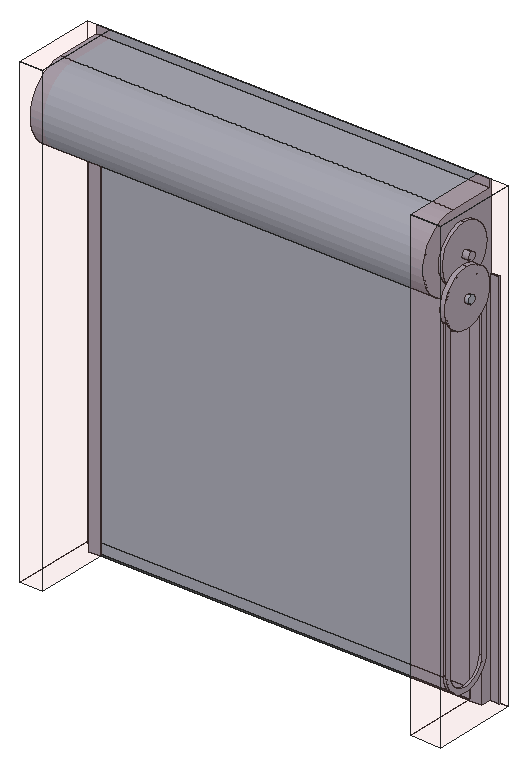
Revit family
Parameters
  XY [instance] = 1' - 10"
  Warranty Duration (Years) = 0
  URL = "http://www.wayne-dalton.com/commercial/Pages/default.aspx"
  Standards Conformance = "as Specified"
  Specification = "http://www.arcat.com/sdspecs/htm04/08_33_00way.htm"
  Sideroom Clearance [instance] = ARCAT Clearance
  Send Message = "http://www.arcat.com/users.pl?action=UserEmail&company=Wayne-Dalton+Corp.&coid=36462&rep=108&fax=&mf="
  Sales Information = "http://commercial.wayne-dalton.com/contact.asp"
  STC Rating [instance] = 0
  Rough Width = 0' - 0"  # constant formula
  Rough Height = 0' - 0"  # constant formula
  Recycled Content [instance] = "as Specified"
  R-Value = 0
  R [instance] = 0' - 8"
  Product Properties = ""
  Product Data = "http://arcat.com/arcatcos/cos36/arc36462.html"
  Offset from Interior Wall [instance] = 0' - 0 1/2"
  Mount to Masonry [instance] = yes
  Model = "As Specified in 08332"
  Maximum Size = "as Specified"
  Manufacturer Website = "http://www.wayne-dalton.com/commercial/Pages/default.aspx"
  Manufacturer Phone - Toll Free = "800-827-3667"
  Manufacturer Phone = ""
  Manufacturer Fax = ""
  Manufacturer Address = "2501 S. State Highway 121 Suite 200   Lewisville, TX 75067"
  Manufacturer = "Wayne Dalton Corp."
  Maintenance Schedule (Months) = 0
  Lift Travel Speed = "as Specified"
  L [instance] = 0' - 6"
  Keynote = "08 33 00"
  Jamb Width_Sides = 0' - 3"
  Installation-Fabrication = ""
  Installation Phase = ""
  Include Sideroom Clearances [instance] = yes
  Include Chain Hoist = yes
  Height = 0' - 0"  # constant formula
  H [instance] = 0' - 2"
  Green Building-LEED = ""
  GD [instance] = if(Clear Opening Width > 28' 0", 0' 3 1/4", 0' 2 3/4")  # 0' - 2 3/4"
  Function = (empty or 0)
  Frame Material [instance] = Metal - Steel
  Frame Finish [instance] = Metal - Wayne Dalton - Gray
  Fire Rating = "As Specified"
  Extend Hood Right [instance] = 0' - 3 1/4"
  Extend Hood Left [instance] = 0' - 3 1/4"
  Expected Lifespan (Years) = 0
  Drawn By = "Sumex Design, Inc. / Robert S. Weygant, CSI, CDT, SCIP"
  Description = "Wayne-Dalton Coiling Counter Door as Specified"
  Wall Closure = (empty or 0)
  Width = 0' - 0"  # constant formula
  Curtain Finish [instance] = Metal - Wayne Dalton - Gray 3in Slats
  Copyright = "©Arcat Inc."
  Construction Details = ""
  Clear Opening Width [instance] = 8' - 0"
  Clear Opening Height [instance] = 8' - 0"
  Bottom Seal Color [instance] = Plastic - Black
  Bottom Bar Height [instance] = 0' - 3"
  Available Options [instance] = "as Specified"
  Available LEED Credit [instance] = "as Specified"
  Assembly Code = "B2030400"
  Approx Frame Depth [instance] = H + 0' 0 7/8"  # 0' - 2 7/8"
  AAMA Designation [instance] = "as Specified"
Reference planes (in)
  plane 1 "Center (Front/Back)": y = 1.6426
  plane 2: z = 96
  plane 3 "Center (Left/Right)": x = -0.5
  plane 4 "Left": x = -48.5
  plane 5 "Right": x = 47.5
  plane 6 "Bottom": z = 0
  plane 7 "Wall Int": y = -1.3574
  plane 8 "Wall Ext": y = 4.6426
  plane 9: y = -1.8574
  plane 10: y = -3.8574
  plane 11: x = -54.5
  plane 12: x = 55.5
Forms (in)
  Extrusion 1, void
    sketch origin (0, 1.6426, 0) x (1, 0, 0) y (0, 0, 1)
      loop
        line (-48.5, 96) -> (-48.5, 0) -> (47.5, 0) -> (47.5, 96) -> (-48.5, 96)
    from -3 to 3
Text (in)
  text "EXTERIOR" at (-58.6888, 13.80127, 0), in view "Plan"
  text "INTERIOR" at (-58.6888, -8.43329, 0), in view "Plan"
  text "Exterior" at (0, 43.65631, 123.19604), in view "Left"
  text "Exterior" at (0, 18.29385, 125.04747), in view "Right"
Dimensions and locks (in)
  equal spacing: plane 4 "Left", plane 3 "Center (Left/Right)", plane 5 "Right"
  "Clear Opening Width": plane 4 "Left" to plane 5 "Right"
  "Offset from Interior Wall": plane 7 "Wall Int" to plane 9
  "H": plane 9 to plane 10
  "Clear Opening Height": plane 2 to level
  "R": plane 5 "Right" to plane 12
  "L": plane 11 to plane 4 "Left"
  aligned and locked: plane 1 "Center (Front/Back)" to host wall
  aligned and locked: plane 7 "Wall Int" to host wall
  aligned and locked: plane 8 "Wall Ext" to host wall
  aligned and locked: nested 1 to plane 7 "Wall Int"
  aligned and locked: plane 3 "Center (Left/Right)" to nested 1
  aligned and locked: plane 5 "Right" to Extrusion 1 sketch curve
  aligned and locked: Extrusion 1 sketch curve to plane 4 "Left"
  aligned and locked: Extrusion 1 sketch curve to plane 2
  aligned and locked: level to Extrusion 1 sketch curve
  aligned and locked: Extrusion 1 to plane 7 "Wall Int"
  aligned and locked: plane 8 "Wall Ext" to Extrusion 1
Nested families (in)
  nested 1: "800Face" at (-0.5, -1.3574, 0), Offset from Wall <- "Offset from Interior Wall", clear opening width <- "Clear Opening Width", clear opening height <- "Clear Opening Height", GD <- "GD", H <- "H", X <- "XY", Y <- "XY", Bottom Bar Height <- "Bottom Bar Height", Mount to Masonry <- "Mount to Masonry", Include Chain Hoist <- "Include Chain Hoist", Frame Finish <- "Frame Finish", Curtain Finish <- "Curtain Finish", Bottom Seal Finish <- "Bottom Seal Color", Extend Hood Right <- "Extend Hood Right", Extend Hood Left <- "Extend Hood Left", R <- "R", L <- "L", Include Sideroom Clearance <- "Include Sideroom Clearances", Sideroom Clearance <- "Sideroom Clearance", type "800Face"
    with clear opening width 8' - 0", clear opening height 8' - 0", Y 1' - 10", Xalt 1' - 8", X 1' - 10", Sideroom Clearance ARCAT Clearance, R 0' - 8", Offset from Wall 0' - 0 1/2", Mount to Masonry yes, L 0' - 6", Include Sideroom Clearance yes, Include Chain Hoist yes, H 0' - 2", GD 0' - 2 3/4", Frame Finish Metal - Wayne Dalton - Gray, Extend Hood Right 0' - 3 1/4", Extend Hood Left 0' - 3 1/4", Curtain Finish Metal - Wayne Dalton - Gray 3in Slats, Bottom Seal Finish Plastic - Black, Bottom Bar Height 0' - 3"
Definition of nested family "800Face"
  Parameters (values of type "800Face")
    clear opening width [instance] = 6' - 0"
    clear opening height [instance] = 6' - 9.17662"
    Y [instance] = 1' - 10"
    Xalt [instance] = X - 0' 2"  # 1' - 8"
    X [instance] = 1' - 10"
    Sideroom Clearance [instance] = none
    R [instance] = 1' - 3.05489"
    Offset from Wall [instance] = 0' - 1"
    Mount to Masonry [instance] = yes
    L [instance] = 0' - 11.69511"
    Include Sideroom Clearance [instance] = yes
    Include Chain Hoist [instance] = yes
    H [instance] = 0' - 2"
    GD [instance] = 0' - 2 3/4"
    Frame Finish [instance] = none
    Extend Hood Right [instance] = 1' - 10.05489"
    Extend Hood Left [instance] = 1' - 8.69511"
    Curtain Finish [instance] = none
    Bottom Seal Finish [instance] = none
    Bottom Bar Height [instance] = 0' - 4.08698"
    Assembly Code = ""
  Reference planes (in)
    plane 1 "Center (Front/Back)": y = 0
    plane 2: z = 0
    plane 3 "Center (Left/Right)": x = 0
    plane 4: x = -36
    plane 5: x = 36
    plane 6: x = -36.25
    plane 7: x = 36.25
    plane 8: x = -39
    plane 9: x = 39
    plane 10: x = -41.6875
    plane 11: x = 41.6875
    plane 12: y = -3
    plane 13: y = -3.875
    plane 14: y = -1
    plane 15: z = 83.17662
    plane 16: z = 85.17662
    plane 17: z = 105.17662
    plane 18: y = -23
    plane 19: z = 107.17662
    plane 20: x = -39.25
    plane 21: x = 39.25
    plane 22: z = 95.17662
    plane 23: z = 4.08698
    plane 24: z = 81.17662
    plane 25: x = 58.05489
    plane 26: x = -56.69511
    plane 27: x = -47.69511
    plane 28: x = 51.05489
  Forms (in)
    Extrusion 1, solid, material <- "Frame Finish"
      sketch origin (0, 0, 0) x (1, 0, 0) y (0, 1, 0)
        loop
          line (-36.25, -1) -> (-39.25, -1) -> (-39.25, -3.875) -> (-36.25, -3.875) -> (-36.25, -1)
        loop
          line (36.25, -1) -> (36.25, -3.875) -> (39.25, -3.875) -> (39.25, -1) -> (36.25, -1)
      from 0 to 83.17662
    Extrusion 2, solid, material <- "Frame Finish", visible <- "Mount to Masonry"
      sketch origin (0, 0, 0) x (1, 0, 0) y (0, 1, 0)
        loop
          line (-39.25, -1) -> (-41.6875, -1) -> (-41.6875, -1.1875) -> (-39.25, -1.1875) -> (-39.25, -1)
        loop
          line (39.25, -1) -> (39.25, -1.1875) -> (41.6875, -1.1875) -> (41.6875, -1) -> (39.25, -1)
      from 0 to 85.17662
    Extrusion 3, solid, material <- "Frame Finish"
      sketch origin (0, -7.63151, 0) x (0, -1, 0) y (0, 0, -1)
        loop
          line (-6.63151, -83.17662) -> (-6.63151, -105.17662) -> (-6.63151, -107.17662) -> (-6.38151, -107.17662) -> (-6.38151, -105.17662) -> (5.36849, -105.17662)
          arc (5.36849, -105.17662) -> (15.36849, -95.17662) -> (5.36849, -85.17662) r 10
          line (5.36849, -85.17662) -> (0.86849, -85.17662) -> (0.86849, -83.17662) -> (-6.63151, -83.17662)
      from -56.69511 to 58.05489
    Extrusion 4, solid, material <- "Curtain Finish"
      sketch origin (-49.98362, -3.875, 48) x (-1, 0, 0) y (0, 0, 1)
        loop
          line (-13.73362, 35.17662) -> (-86.23362, 35.17662) -> (-86.23362, -48) -> (-13.73362, -48) -> (-13.73362, 35.17662)
      from 0.125 to 1
    Extrusion 5, solid, material <- "Frame Finish"
      sketch origin (-39.25, -180, 12) x (0, 0, -1) y (0, -1, 0)
        loop
          circle (-83.17662, -167.8155) r 5.8095
      from 0 to 2.02615
    Extrusion 6, solid, material <- "Frame Finish", visible <- "Include Chain Hoist"
      sketch origin (39.25, -180, 7.25) x (0, 0, -1) y (0, -1, 0)
        loop
          circle (-87.92662, -168) r 7.25
      from -2.00792 to -1.11996
    Extrusion 7, solid, material <- "Frame Finish", visible <- "Include Chain Hoist"
      sketch origin (39.25, -180, 7.25) x (0, 0, -1) y (0, -1, 0)
        loop
          circle (-79.17662, -166) r 7.25
      from -4.25743 to -3.07348
    Extrusion 8, solid, material <- "Frame Finish", visible <- "Include Chain Hoist"
      sketch origin (39.25, -180, 7.25) x (0, 0, -1) y (0, -1, 0)
        loop
          circle (-87.92662, -168) r 1
      from 0 to -3.99104
    Extrusion 9, solid, material <- "Frame Finish", visible <- "Include Chain Hoist"
      sketch origin (39.25, -180, 7.25) x (0, 0, -1) y (0, -1, 0)
        loop
          circle (-79.17662, -166) r 1
      from 0 to -5.5
    Extrusion 10, solid, material <- "Frame Finish", visible <- "Include Chain Hoist"
      sketch origin (39.25, -180, 7.25) x (0, 0, -1) y (0, -1, 0)
        loop
          circle (-79.17662, -166) r 2
      from -2.25344 to -0.91059
    Extrusion 11, solid, material <- "Frame Finish", visible <- "Include Chain Hoist"
      sketch origin (42.32348, -180, 7.25) x (0, 0, -1) y (0, -1, 0)
        loop
          line (-79.17662, -172.5) -> (-8.17662, -172.5)
          arc (-8.17662, -172.5) -> (-1.67662, -166) -> (-8.17662, -159.5) r 6.5
          line (-8.17662, -159.5) -> (-79.17662, -159.5)
          arc (-79.17662, -159.5) -> (-85.67662, -166) -> (-79.17662, -172.5) r 6.5
        loop
          arc (-79.17662, -160.75) -> (-84.42662, -166) -> (-79.17662, -171.25) r 5.25
          line (-79.17662, -171.25) -> (-8.17662, -171.25)
          arc (-8.17662, -171.25) -> (-2.92662, -166) -> (-8.17662, -160.75) r 5.25
          line (-8.17662, -160.75) -> (-79.17662, -160.75)
      from -0.24322 to -0.91756
    Extrusion 12, solid, material <- "Frame Finish"
      sketch origin (0, 0, 0) x (0, 1, 0) y (0, 0, 1)
        loop
          line (-2.82789, 0) -> (-2.82789, 0.5) -> (-2.73182, 0.5) -> (-2.73182, 4.08698) -> (-3.875, 4.08698) -> (-3.875, 0.5) -> (-3.78423, 0.5) -> (-3.78423, 0) -> (-2.82789, 0)
      from -36.25 to 36.25
    Extrusion 13, solid, material <- "Sideroom Clearance", visible <- "Include Sideroom Clearance"
      sketch origin (-49.98362, -1, 48) x (-1, 0, 0) y (0, 0, 1)
        loop
          line (-13.98362, -48) -> (-2.28851, -48) -> (-2.28851, 59.17662) -> (-13.98362, 59.17662) -> (-13.98362, -48)
        loop
          line (-85.98362, -48) -> (-85.98362, 59.17662) -> (-101.03851, 59.17662) -> (-101.03851, -48) -> (-85.98362, -48)
      from 0 to -22
  Dimensions and locks (in)
    equal spacing: plane 4, plane 3 "Center (Left/Right)", plane 5
    "clear opening width": plane 4 to plane 5
    locked: plane 6 to plane 4 at 0.25
    locked: plane 5 to plane 7 at 0.25
    "GD": plane 8 to plane 6
    "GD": plane 7 to plane 9
    locked: plane 10 to plane 8 at 2.6875
    locked: plane 9 to plane 11 at 2.6875
    locked: plane 12 to plane 13 at 0.875
    "Offset from Wall": plane 14 to plane 1 "Center (Front/Back)"
    "H": plane 14 to plane 12
    locked: Extrusion 1 sketch curve to plane 8 at 0.25
    locked: plane 9 to Extrusion 1 sketch curve at 0.25
    locked: plane 14 to Extrusion 2 sketch curve at 0.1875  (x2)
    locked: Extrusion 2 sketch curve to plane 8 at 0.25
    locked: plane 9 to Extrusion 2 sketch curve at 0.25
    "clear opening height": plane 24 to level
    locked: plane 16 to plane 15 at 2
    "Xalt": plane 17 to plane 16
    "Xalt": Extrusion 3 sketch curve to Extrusion 3 sketch curve
    "Y": plane 18 to plane 14
    locked: plane 18 to Extrusion 3 sketch curve at 0
    locked: Extrusion 3 sketch curve to plane 14 at 7.5
    locked: plane 19 to plane 17 at 2
    locked: Extrusion 3 sketch curve to plane 14 at 0.25
    locked: plane 8 to plane 20 at 0.25
    locked: plane 21 to plane 9 at 0.25
    equal spacing: plane 17, Extrusion 5 sketch curve, plane 16
    locked: plane 18 to Extrusion 5 sketch curve at 10.8155
    equal spacing: plane 17, Extrusion 6 sketch curve, plane 16
    locked: plane 18 to Extrusion 6 sketch curve at 11
    equal spacing: plane 17, plane 22, plane 16
    locked: plane 22 to Extrusion 7 sketch curve at 8.75
    locked: plane 18 to Extrusion 7 sketch curve at 9
    equal spacing: plane 17, Extrusion 8 sketch curve, plane 16
    locked: plane 18 to Extrusion 8 sketch curve at 11
    locked: plane 22 to Extrusion 9 sketch curve at 8.75
    locked: plane 18 to Extrusion 9 sketch curve at 9
    locked: plane 18 to Extrusion 10 sketch curve at 9
    locked: plane 22 to Extrusion 10 sketch curve at 8.75
    locked: Extrusion 11 sketch curve to level at 15.42662
    locked: plane 22 to Extrusion 11 sketch curve at 8.75
    plane 18 to Extrusion 11 sketch curve to Extrusion 11 sketch curve = 0' - 2 1/2" locked, 1' - 1" locked
    locked: Extrusion 11 sketch curve to Extrusion 11 sketch curve at 1.25  (x2)
    "Bottom Bar Height": plane 23 to level
    locked: Extrusion 12 sketch curve to level at 0.5
    plane 13 to Extrusion 12 sketch curve to Extrusion 12 sketch curve to Extrusion 12 sketch curve to Extrusion 12 sketch curve = 0' - 0" locked, 0' - 0.09077" locked, 0' - 0.95633" locked, 0' - 0.09608" locked
    locked: plane 15 to plane 24 at 2
    "Extend Hood Left": plane 4 to plane 26
    "Extend Hood Right": plane 25 to plane 5
    "R": plane 28 to plane 5
    "L": plane 4 to plane 27
    aligned and locked: plane 2 to level
    aligned and locked: plane 14 to Extrusion 1 sketch curve
    aligned and locked: plane 6 to Extrusion 1 sketch curve
    aligned and locked: Extrusion 1 sketch curve to plane 13  (x2)
    aligned and locked: plane 7 to Extrusion 1 sketch curve
    aligned and locked: Extrusion 1 sketch curve to plane 14
    aligned and locked: Extrusion 2 sketch curve to plane 10
    aligned and locked: Extrusion 2 sketch curve to plane 11
    aligned and locked: plane 14 to Extrusion 2 sketch curve  (x2)
    aligned and locked: Extrusion 3 sketch curve to plane 17
    aligned and locked: Extrusion 3 sketch curve to plane 14
    aligned and locked: plane 19 to Extrusion 3 sketch curve
    aligned: Extrusion 3 to plane 20
    aligned: Extrusion 3 to plane 21
    aligned and locked: plane 15 to Extrusion 1
    aligned: plane 15 to Extrusion 2
    aligned and locked: Extrusion 4 sketch curve to plane 7
    aligned and locked: plane 6 to Extrusion 4 sketch curve
    aligned and locked: Extrusion 4 sketch curve to plane 15
    aligned and locked: Extrusion 12 sketch curve to Extrusion 12 sketch curve
    aligned and locked: plane 23 to Extrusion 12 sketch curve
    aligned and locked: Extrusion 12 to plane 6
    aligned and locked: plane 7 to Extrusion 12
    aligned and locked: plane 16 to Extrusion 3 sketch curve
    aligned and locked: plane 15 to Extrusion 3 sketch curve
    aligned and locked: plane 16 to Extrusion 2
    aligned and locked: plane 25 to Extrusion 3
    aligned and locked: Extrusion 3 to plane 26
    aligned and locked: plane 4 to Extrusion 13 sketch curve
    aligned and locked: plane 27 to Extrusion 13 sketch curve
    aligned and locked: level to Extrusion 13 sketch curve
    aligned and locked: Extrusion 13 sketch curve to plane 19
    aligned and locked: plane 19 to Extrusion 13 sketch curve
    aligned and locked: plane 5 to Extrusion 13 sketch curve
    aligned and locked: plane 28 to Extrusion 13 sketch curve
    aligned and locked: Extrusion 13 sketch curve to level
    aligned and locked: Extrusion 13 to plane 18
  Automatic sketch dimensions
    Extrusion 4 sketch curve to level = 0' - 0"
    Extrusion 11 sketch curve to Extrusion 11 sketch curve = 0' - 0"  (x2)
    Extrusion 12 sketch curve to level = 0' - 0"
    Extrusion 3 sketch curve to plane 17 = 0' - 0"
    radius of Extrusion 5 sketch curve = 0' - 5.8095"
    radius of Extrusion 6 sketch curve = 0' - 7 1/4"
    radius of Extrusion 7 sketch curve = 0' - 7 1/4"
    radius of Extrusion 8 sketch curve = 0' - 1"
    radius of Extrusion 9 sketch curve = 0' - 1"
    radius of Extrusion 10 sketch curve = 0' - 2"
